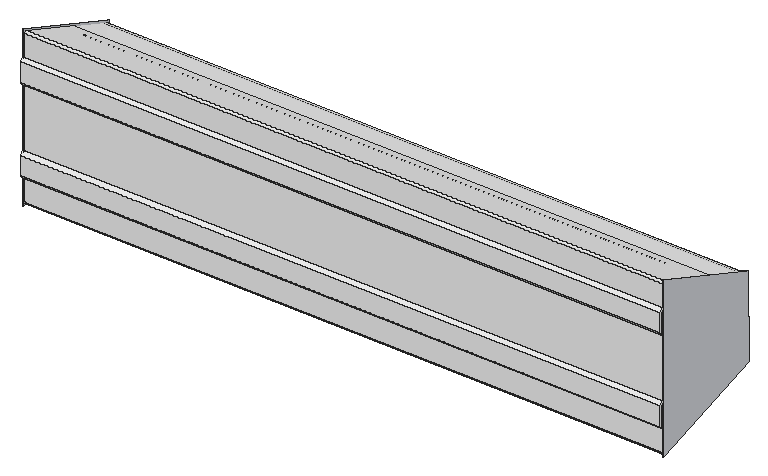
Revit family "VTRI", category Lighting Fixtures, host Wall, Revit 2023
Family settings
  Host = Wall
  Round Connector Dimension = Use Diameter
  Part Type = Normal
  OmniClass Number = 23.80.70.11.14
  OmniClass Title = General Luminaries, Directional
  Always vertical = Yes
  Cut with Voids When Loaded = No
  Light Source = Yes
  Maintain Annotation Orientation = No
  Shared = No
  Room Calculation Point = No
Parameters (values of type "VTRI24-LED840K010LUNV")
  Wattage = 7.33526 W
  built-in parameter 1150110 = 1 (stored number, unit not read)
  Voltage = 120 V
  URL = "https://viscor.com/products/vtri"
  built-in parameter 1114217 = 0.9 (stored number, unit not read)
  Tilt Angle = 0.00°
  built-in parameter 1150109 = 1 (stored number, unit not read)
  built-in parameter 1150134 = 12
  built-in parameter 1150113 = 1 (stored number, unit not read)
  Photometric Web File = "VTRI24-LED840K010LUNV.ies"
  Model = "VTRI"  # constant formula
  Manufacturer = "CERTOLUX by VISCOR"  # constant formula
  Lumens = 1013 lm
  built-in parameter 1150115 = 1 (stored number, unit not read)
  built-in parameter 1150105 = 80.612 (stored number, unit not read)
  built-in parameter 1150137 = (empty or 0)
  built-in parameter 1150139 = (empty or 0)
  Lens Finish = Polycarbonate - Viscor -  Soft Matte White Opal
  Length = 1' - 11 15/256"
  Lamp Wattage = 7.3 VA
  built-in parameter 1150112 = 1 (stored number, unit not read)
  built-in parameter 1150114 = 1 (stored number, unit not read)
  Lamp = "LED"  # constant formula
  built-in parameter 1150132 = (empty or 0)
  built-in parameter 1150102 = (empty or 0)
  built-in parameter 1150138 = (empty or 0)
  built-in parameter 1150107 = 4000 (stored number, unit not read)
  built-in parameter 1150106 = 0.80612 (stored number, unit not read)
  Housing Finish = Metal - Viscor - White
  Emit from Line Length = Length  # 1' - 11 15/256"
  built-in parameter 1150104 = 12.83 (stored number, unit not read)
  Dimming Lamp Color Temperature Shift = <None>
  Description = " ADA Surface Mount Vandal Resistant LED Luminaire"  # constant formula
  Default Elevation = 0' - 0"
  Color Filter = 16777215
  built-in parameter 1114218 = 1 (stored number, unit not read)
  built-in parameter 1150133 = 10 (stored number, unit not read)
  Assembly Code = "D5020200"
  Apparent Load = Lamp Wattage  # 7.3 VA
Types (8): name | Wattage | Photometric Web File | Lumens | built-in parameter 1150105 | Length | Lamp Wattage | built-in parameter 1150106 | Emit from Line Length | built-in parameter 1150104 | Apparent Load
  (no name) | 7.33526 W | "VTRI24-LED840K010LUNV.ies" | 1013 lm | 80.612 (stored number, unit not read) | 1' - 11 15/256" | 7.3 VA | 0.80612 (stored number, unit not read) | 1' - 11 15/256" | 12.83 (stored number, unit not read) | 7.3 VA
  VTRI24-LED840K010LUNV | 7.33526 W | "VTRI24-LED840K010LUNV.ies" | 1013 lm | 80.612 (stored number, unit not read) | 1' - 11 15/256" | 7.3 VA | 0.80612 (stored number, unit not read) | 1' - 11 15/256" | 12.83 (stored number, unit not read) | 7.3 VA
  VTRI48-LED840K018LUNV | 13.1583 W | "VTRI48-LED840K018LUNV.ies" | 1829 lm | 145.55 (stored number, unit not read) | 3' - 9 15/256" | 13.2 VA | 1.4555 (stored number, unit not read) | 3' - 9 15/256" | 12.914 (stored number, unit not read) | 13.2 VA
  VTRI24-LED840K016LUNV | 12.5113 W | "VTRI24-LED840K016LUNV.ies" | 1659 lm | 132.02 (stored number, unit not read) | 1' - 11 15/256" | 12.5 VA | 1.3202 (stored number, unit not read) | 1' - 11 15/256" | 12.319 (stored number, unit not read) | 12.5 VA
  VTRI48-LED840K037LUNV | 28.7538 W | "VTRI48-LED840K037LUNV.ies" | 3761 lm | 299.29 (stored number, unit not read) | 3' - 9 15/256" | 28.7 VA | 2.9929 (stored number, unit not read) | 3' - 9 15/256" | 12.152 (stored number, unit not read) | 28.7 VA
  VTRI48-LED840K050LUNV | 38.2137 W | "VTRI48-LED840K050LUNV.ies" | 5006 lm | 398.36 (stored number, unit not read) | 3' - 9 15/256" | 38.2 VA | 3.9836 (stored number, unit not read) | 3' - 9 15/256" | 12.17 (stored number, unit not read) | 38.2 VA
  VTRI36-LED840K018LUNV | 13.1084 W | "VTRI36-LED840K018LUNV.ies" | 1826 lm | 145.31 (stored number, unit not read) | 2' - 11" | 13.1 VA | 1.4531 (stored number, unit not read) | 2' - 11" | 12.941 (stored number, unit not read) | 13.1 VA
  VTRI36-LED840K037LUNV | 28.6128 W | 0' - 0" | 3754 lm | 298.73 (stored number, unit not read) | 2' - 11" | 28.6 VA | 2.9873 (stored number, unit not read) | 2' - 11" | 12.189 (stored number, unit not read) | 28.6 VA
Reference planes (in)
  plane 1: y = 0
  plane 2 "Light Source Axis (F/B)": y = 8
  plane 3 "Light Source Axis (L/R)": x = -1.43133
  plane 4 "Light Source Elevation": z = 77.42225
  plane 5: x = -12.96062
  plane 6: x = 10.09797
  plane 7: x = -12.92937
  plane 8: x = 10.06672
  plane 9: x = -12.49312
  plane 10: x = 9.59922
  plane 11: x = 10.03547
  plane 12: x = -12.89812
Forms (in)
  Extrusion 1, solid, material "Metal - Viscor - White" <- "Housing Finish"
    sketch origin (-1.43133, 0, 0) x (0, -1, 0) y (0, 0, 1)
      loop
        arc (-3.2176, 74.64345) -> (-3.15442, 74.65177) -> (-3.125, 74.70829) r 0.069
        line (-3.125, 74.70829) -> (-3.125, 75.47232) -> (-3, 75.59732) -> (-3, 76.24718) -> (-3.125, 76.37218) -> (-3.125, 78.47232) -> (-3, 78.59732) -> (-3, 79.24718) -> (-3.125, 79.37218) -> (-3.125, 80.13621)
        arc (-3.125, 80.13621) -> (-3.15442, 80.19273) -> (-3.2176, 80.20105) r 0.069
        line (-3.2176, 80.20105) -> (-5.305, 79.44129) -> (-5.29431, 79.41193) -> (-3.20691, 80.17168)
        arc (-3.20691, 80.17168) -> (-3.17235, 80.16713) -> (-3.15625, 80.13621) r 0.03775
        line (-3.15625, 80.13621) -> (-3.15625, 79.35923) -> (-3.03125, 79.23423) -> (-3.03125, 78.61027) -> (-3.15625, 78.48527) -> (-3.15625, 76.35923) -> (-3.03125, 76.23423) -> (-3.03125, 75.61027) -> (-3.15625, 75.48527) -> (-3.15625, 74.70829)
        arc (-3.15625, 74.70829) -> (-3.17235, 74.67737) -> (-3.20691, 74.67282) r 0.03775
        line (-3.20691, 74.67282) -> (-5.29431, 75.43257) -> (-5.305, 75.4032) -> (-3.2176, 74.64345)
    from -11.49805 to 11.49805
  Extrusion 2, solid, material "Metal - Viscor - White" <- "Housing Finish"
    sketch origin (-1.43133, 0, 0) x (0, -1, 0) y (0, 0, 1)
      loop
        line (-4.9886, 75.41746) -> (-4.97791, 75.44682) -> (-5.2409, 75.54254)
        arc (-5.2409, 75.54254) -> (-5.26441, 75.56828) -> (-5.25682, 75.6023) r 0.03775
        line (-5.25682, 75.6023) -> (-4.96775, 75.94679) -> (-4.96775, 78.8977) -> (-5.25682, 79.2422)
        arc (-5.25682, 79.2422) -> (-5.26441, 79.27622) -> (-5.2409, 79.30196) r 0.03775
        line (-5.2409, 79.30196) -> (-4.97791, 79.39767) -> (-4.9886, 79.42704) -> (-5.2516, 79.33132)
        arc (-5.2516, 79.33132) -> (-5.2946, 79.28429) -> (-5.28074, 79.2221) r 0.069
        line (-5.28074, 79.2221) -> (-4.999, 78.88633) -> (-4.999, 75.95817) -> (-5.28074, 75.6224)
        arc (-5.28074, 75.6224) -> (-5.2946, 75.56021) -> (-5.2516, 75.51318) r 0.069
        line (-5.2516, 75.51318) -> (-4.9886, 75.41746)
    from -11.03055 to 11.0618
  Extrusion 3, solid, material "Polycarbonate - Viscor -  Soft Matte White Opal" <- "Lens Finish"
    sketch origin (-1.43133, 0, 0) x (0, -1, 0) y (0, 0, 1)
      loop
        line (-5, 79.51433) -> (-6.81986, 78.85196)
        arc (-6.81986, 78.85196) -> (-6.8671, 78.81571) -> (-6.885, 78.75893) r 0.099
        line (-6.885, 78.75893) -> (-6.885, 76.08557)
        arc (-6.885, 76.08557) -> (-6.8671, 76.02879) -> (-6.81986, 75.99254) r 0.099
        line (-6.81986, 75.99254) -> (-5, 75.33017) -> (-4.97996, 75.38523) -> (-6.79982, 76.0476)
        arc (-6.79982, 76.0476) -> (-6.8191, 76.06239) -> (-6.82641, 76.08557) r 0.04041
        line (-6.82641, 76.08557) -> (-6.82641, 78.75893)
        arc (-6.82641, 78.75893) -> (-6.8191, 78.7821) -> (-6.79982, 78.7969) r 0.04041
        line (-6.79982, 78.7969) -> (-4.97996, 79.45927) -> (-5, 79.51433)
    from -11.49805 to 11.49805
  Extrusion 4, solid, material "Metal - Viscor - White" <- "Housing Finish"
    sketch origin (-1.43133, 0, 0) x (0, -1, 0) y (0, 0, 1)
      loop
        line (-3.224, 74.92225) -> (-3.224, 79.92225) -> (-3.89002, 79.92225) -> (-4.9226, 79.5459)
        arc (-4.9226, 79.5459) -> (-4.95552, 79.52064) -> (-4.968, 79.48106) r 0.069
        line (-4.968, 79.48106) -> (-4.968, 75.36345)
        arc (-4.968, 75.36345) -> (-4.95552, 75.32387) -> (-4.92276, 75.29813) r 0.069
        line (-4.92276, 75.29813) -> (-3.89002, 74.92225) -> (-3.224, 74.92225)
    from 11.49805 to 11.5293
  Extrusion 5, solid
    sketch origin (-1.43133, 0, 0) x (0, -1, 0) y (0, 0, -1)
      loop
        line (-3.224, -74.92225) -> (-3.89002, -74.92225) -> (-4.92276, -75.29813)
        arc (-4.92276, -75.29813) -> (-4.95552, -75.32387) -> (-4.968, -75.36345) r 0.069
        line (-4.968, -75.36345) -> (-4.968, -79.48106)
        arc (-4.968, -79.48106) -> (-4.95552, -79.52064) -> (-4.9226, -79.5459) r 0.069
        line (-4.9226, -79.5459) -> (-3.89002, -79.92225) -> (-3.224, -79.92225) -> (-3.224, -74.92225)
    from 11.4668 to 11.49805
  Extrusion 6, solid
    sketch origin (-1.43133, 0, 0) x (0, -1, 0) y (0, 0, 1)
      loop
        line (-3.125, 74.57649) -> (-3.125, 80.268) -> (-6.91625, 78.8881) -> (-6.91625, 75.9564) -> (-3.125, 74.57649)
    from 11.4668 to 11.49805
  Extrusion 7, solid
    sketch origin (-1.43133, 0, 0) x (0, -1, 0) y (0, 0, -1)
      loop
        line (-3.125, -74.57649) -> (-6.91625, -75.9564) -> (-6.91625, -78.8881) -> (-3.125, -80.268) -> (-3.125, -74.57649)
    from 11.49805 to 11.5293
Text (in)
  text "Placement Side" at (0, 40.15149, 123.01588), in view "Right"
  text "Placement Side" at (-85.66089, 49.38177, 0), in view "Ref. Level"
  text "Placement Side" at (0, 85.69064, 140.59947), in view "Left"
Dimensions and locks (in)
  equal spacing: plane 5, plane 3 "Light Source Axis (L/R)", plane 6
  "Length": plane 5 to plane 6
  plane 5 to plane 7 to plane 3 "Light Source Axis (L/R)" = 0' - 0 1/32" locked, 0' - 11.49805"
  locked: plane 8 to plane 6 at 0.03125
  locked: plane 9 to plane 5 at 0.4675
  locked: plane 10 to plane 8 at 0.4675
  plane 9 to plane 12 to Extrusion 4 = 0' - 0.405", 0' - 0 1/32"
  Extrusion 7 to plane 11 to plane 10 = 0' - 0 1/32", 0' - 0.43625"
  aligned: level to host wall
  aligned and locked: plane 3 "Light Source Axis (L/R)" to imposter light
  aligned and locked: plane 2 "Light Source Axis (F/B)" to imposter light
  aligned and locked: plane 4 "Light Source Elevation" to imposter light
  aligned and locked: plane 8 to Extrusion 1
  aligned and locked: Extrusion 1 to plane 7
  aligned and locked: plane 10 to Extrusion 2
  aligned and locked: Extrusion 2 to plane 9
  aligned and locked: plane 8 to Extrusion 3
  aligned and locked: Extrusion 3 to plane 7
  aligned and locked: Extrusion 4 to plane 5
  aligned and locked: plane 7 to Extrusion 4
  aligned and locked: plane 6 to Extrusion 7
  aligned and locked: Extrusion 7 to plane 8
  aligned and locked: plane 8 to Extrusion 5
  aligned and locked: Extrusion 6 to plane 7
  aligned and locked: plane 11 to Extrusion 5
  aligned and locked: Extrusion 6 to plane 12
Automatic sketch dimensions
  Extrusion 1 sketch curve to Extrusion 1 sketch curve = 0' - 0"  (x8)
  Extrusion 1 sketch curve to host wall = 0' - 0"  (x2)
  host wall to Extrusion 1 sketch curve = 0' - 0 1/32"  (x2)
  host wall to Extrusion 1 sketch curve = 0' - 0 1/8"  (x3)
  Extrusion 1 sketch curve to Extrusion 1 sketch curve = 0' - 0 1/32"  (x3)
  Extrusion 1 sketch curve to Extrusion 1 sketch curve = 0' - 0.03775"  (x2)
  Extrusion 1 sketch curve to Extrusion 1 sketch curve = 0' - 2.13806"  (x2)
  Extrusion 1 sketch curve to Extrusion 1 sketch curve = 0' - 0.01069"  (x4)
  plane 4 "Light Source Elevation" to Extrusion 1 sketch curve = 0' - 2.71396"
  plane 4 "Light Source Elevation" to Extrusion 1 sketch curve = 0' - 2.01904"
  Extrusion 1 sketch curve to Extrusion 1 sketch curve = 0' - 0.02937"  (x2)
  Extrusion 1 sketch curve to Extrusion 1 sketch curve = 0' - 0.76403"  (x2)
  Extrusion 1 sketch curve to Extrusion 1 sketch curve = 0' - 0.01294"  (x8)
  Extrusion 1 sketch curve to Extrusion 1 sketch curve = 0' - 0 1/8"  (x4)
  Extrusion 1 sketch curve to Extrusion 1 sketch curve = 0' - 0.62396"  (x2)
  Extrusion 1 sketch curve to plane 4 "Light Source Elevation" = 0' - 1.05007"
  Extrusion 1 sketch curve to plane 4 "Light Source Elevation" = 0' - 1.98968"
  Extrusion 1 sketch curve to Extrusion 1 sketch curve = 0' - 0.01291"  (x2)
  Extrusion 2 sketch curve to Extrusion 2 sketch curve = 0' - 0"  (x4)
  host wall to Extrusion 2 sketch curve = 0' - 2.28074"  (x2)
  Extrusion 2 sketch curve to Extrusion 2 sketch curve = 0' - 0.02393"  (x2)
  plane 4 "Light Source Elevation" to Extrusion 2 sketch curve = 0' - 1.90907"
  Extrusion 2 sketch curve to Extrusion 2 sketch curve = 0' - 0.00521"  (x2)
  Extrusion 2 sketch curve to Extrusion 2 sketch curve = 0' - 0.01071"  (x2)
  Extrusion 2 sketch curve to Extrusion 2 sketch curve = 0' - 0.02889"
  Extrusion 2 sketch curve to Extrusion 2 sketch curve = 0' - 0.01297"
  Extrusion 2 sketch curve to Extrusion 2 sketch curve = 0' - 0.28174"
  Extrusion 2 sketch curve to Extrusion 2 sketch curve = 0' - 0.263"  (x2)
  Extrusion 2 sketch curve to Extrusion 2 sketch curve = 0' - 0.01069"  (x2)
  Extrusion 2 sketch curve to Extrusion 2 sketch curve = 0' - 0 1/32"
  Extrusion 2 sketch curve to Extrusion 2 sketch curve = 0' - 0.06636"
  Extrusion 2 sketch curve to Extrusion 2 sketch curve = 0' - 0.03545"
  Extrusion 2 sketch curve to Extrusion 2 sketch curve = 0' - 0.34449"
  Extrusion 2 sketch curve to Extrusion 2 sketch curve = 0' - 0.01137"  (x2)
  Extrusion 2 sketch curve to plane 4 "Light Source Elevation" = 0' - 1.46408"
  Extrusion 2 sketch curve to Extrusion 2 sketch curve = 0' - 0.33577"
  Extrusion 2 sketch curve to Extrusion 2 sketch curve = 0' - 0.0201"
  Extrusion 2 sketch curve to Extrusion 2 sketch curve = 0' - 0.0243"
  Extrusion 3 sketch curve to Extrusion 3 sketch curve = 0' - 0"  (x14)
  plane 2 "Light Source Axis (F/B)" to Extrusion 3 sketch curve = 0' - 1.214"  (x2)
  Extrusion 3 sketch curve to Extrusion 3 sketch curve = 0' - 1.786"  (x2)
  Extrusion 3 sketch curve to Extrusion 3 sketch curve = 0' - 0.02004"  (x4)
  plane 4 "Light Source Elevation" to Extrusion 3 sketch curve = 0' - 2.09208"
  Extrusion 3 sketch curve to Extrusion 3 sketch curve = 0' - 0.05506"  (x2)
  plane 4 "Light Source Elevation" to Extrusion 3 sketch curve = 0' - 1.33668"
  Extrusion 3 sketch curve to plane 4 "Light Source Elevation" = 0' - 1.33668"
  Extrusion 3 sketch curve to Extrusion 3 sketch curve = 0' - 0.70034"
  Extrusion 3 sketch curve to Extrusion 3 sketch curve = 0' - 0.01382"  (x2)
  Extrusion 3 sketch curve to Extrusion 3 sketch curve = 0' - 0.04041"  (x2)
  Extrusion 3 sketch curve to Extrusion 3 sketch curve = 0' - 0 15/256"  (x2)
  host wall to Extrusion 4 sketch curve = 0' - 1.968"
  Extrusion 4 sketch curve to Extrusion 4 sketch curve = 0' - 0.069"  (x2)
  host wall to Extrusion 4 sketch curve = 0' - 0.89002"  (x2)
  host wall to Extrusion 4 sketch curve = 0' - 0.224"
  plane 4 "Light Source Elevation" to Extrusion 4 sketch curve = 0' - 2 1/2"
  Extrusion 4 sketch curve to Extrusion 4 sketch curve = 0' - 0.4412"
  Extrusion 4 sketch curve to plane 4 "Light Source Elevation" = 0' - 2.05881"
  Extrusion 4 sketch curve to Extrusion 4 sketch curve = 0' - 0.44119"
  Extrusion 4 sketch curve to Extrusion 4 sketch curve = 0' - 0.02376"  (x2)
  Extrusion 4 sketch curve to Extrusion 4 sketch curve = 0' - 0.00016"  (x2)
  Extrusion 4 sketch curve to Extrusion 4 sketch curve = 0' - 0.00048"
  Extrusion 4 sketch curve to Extrusion 4 sketch curve = 0' - 0.00046"
  host wall to Extrusion 5 sketch curve = 0' - 1.968"
  Extrusion 5 sketch curve to Extrusion 5 sketch curve = 0' - 0.069"  (x2)
  host wall to Extrusion 5 sketch curve = 0' - 0.89002"  (x2)
  host wall to Extrusion 5 sketch curve = 0' - 0.224"
  Extrusion 5 sketch curve to plane 4 "Light Source Elevation" = 0' - 2 1/2"
  Extrusion 5 sketch curve to Extrusion 5 sketch curve = 0' - 0.44119"
  plane 4 "Light Source Elevation" to Extrusion 5 sketch curve = 0' - 2.0588"
  Extrusion 5 sketch curve to Extrusion 5 sketch curve = 0' - 0.4412"
  Extrusion 5 sketch curve to Extrusion 5 sketch curve = 0' - 0.02376"  (x2)
  Extrusion 5 sketch curve to Extrusion 5 sketch curve = 0' - 0.00016"  (x2)
  Extrusion 5 sketch curve to Extrusion 5 sketch curve = 0' - 0.00046"
  Extrusion 5 sketch curve to Extrusion 5 sketch curve = 0' - 0.00048"
  plane 2 "Light Source Axis (F/B)" to Extrusion 6 sketch curve = 0' - 1.08375"  (x2)
  host wall to Extrusion 6 sketch curve = 0' - 0 1/8"
  plane 4 "Light Source Elevation" to Extrusion 6 sketch curve = 0' - 2.84576"
  plane 4 "Light Source Elevation" to Extrusion 6 sketch curve = 0' - 1.46585"
  Extrusion 6 sketch curve to plane 4 "Light Source Elevation" = 0' - 1.46585"
  Extrusion 6 sketch curve to plane 4 "Light Source Elevation" = 0' - 2.84576"
  plane 2 "Light Source Axis (F/B)" to Extrusion 7 sketch curve = 0' - 1.08375"  (x2)
  host wall to Extrusion 7 sketch curve = 0' - 0 1/8"
  Extrusion 7 sketch curve to plane 4 "Light Source Elevation" = 0' - 2.84576"
  Extrusion 7 sketch curve to plane 4 "Light Source Elevation" = 0' - 1.46585"
  plane 4 "Light Source Elevation" to Extrusion 7 sketch curve = 0' - 1.46585"
  plane 4 "Light Source Elevation" to Extrusion 7 sketch curve = 0' - 2.84576"
Connectors (in)
  electrical at (-1.44695, 4.999, 77.42225), driven by "Voltage", driven by "Lamp Wattage"
    settings: on Extrusion 2, index 1, voltage 120 V, apparent load 0 VA, apparent load phase1 7.3 VA, apparent load phase2 0 VA, apparent load phase3 0 VA, power factor 1, load classification "Other", number of poles 1, system type 31, power factor state 1, is connector primary yes, connector utility no, sub classification motor no, connector description ""
